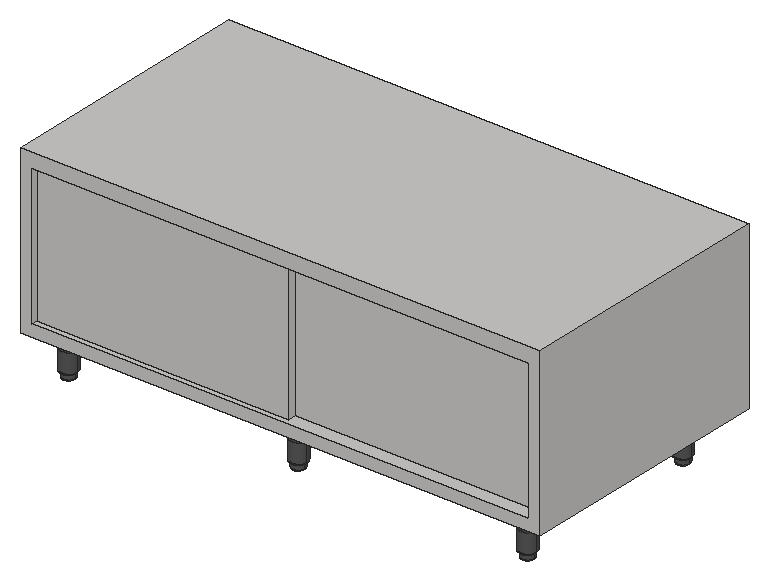
Revit family "QF_CAPIC_PF_W293039", category Equipement spécialisé, Revit 2018
Family settings
  Cote de connecteur circulaire = Utiliser le diamètre
  Type d'élément = Normal
  Numéro OmniClass = 23.40.40.14
  Titre OmniClass = Food Service Equipment
  Basée sur le plan de construction = Non
  Toujours verticalement = Oui
  Couper avec des vides une fois chargée = Non
  Partagée = Non
  Point de calcul de pièce = Non
Parameters (values of type "L=1600mm")
  URL catalogue = "http://www.capic-fr.com/fr/"
  Type de Raccord Plomberie [instance] = ""
  Type de Raccord Electrique [instance] = ""
  Type de Gaz = ""
  Type article [instance] = ""
  Tension = 0 V
  Spécification du Fabricant = ""
  Show Logo = yes
  Remarques evacuation [instance] = ""
  Remarques Plomberie [instance] = ""
  Remarques Electricité [instance] = ""
  Puissance électrique  = 0 W
  Puissance Gaz kW = 0
  Profondeur hors tout = 801 mm
  Pression Maximum Eau Adoucie = 0.0 Pa
  Poids net à vide = 140.00 kg
  Phase = 0
  Modèle = "W293039"
  Longueur porte = Longueur hors tout / 2 - 25 mm  # 775 mm
  Longueur hors tout = 1600 mm
  Intensité nominale = 0 A
  Hauteur hors tout = 630 mm
  Hauteur de Raccordement du Sol Finis = 0 mm
  Hauteur de Raccordement Gaz du Sol Finis = 0 mm
  Hauteur de Raccordement Evacuation Directe du Sol Finis = 0 mm
  Hauteur de Raccordement Eau Froide du Sol Finis = 0 mm
  Hauteur de Raccordement Eau Chaude du Sol Finis = 0 mm
  Hauteur de Raccordement Eau Adoucie du Sol Finis = 0 mm
  Fréquence = 0 Hz
  Fabricant = "CAPIC"
  Débit d'air d'extraction = 0.0 m³/h
  Débit Gaz = 0.0 L/s
  Débit Eau Froide = 0.0 L/s
  Débit Eau Chaude = 0.0 L/s
  Débit Eau Adoucie = 0.0 L/s
  Diamètre de Raccordement Gaz = 0 mm
  Diamètre de Raccordement Evacuation = 0 mm
  Diamètre de Raccordement Eau Froide = 0 mm
  Diamètre de Raccordement Eau Chaude = 0 mm
  Diamètre de Raccordement Eau Adoucie = 0 mm
  Description = "Placard fermé 2 portes coulissantes"
  Assembly Code = ""
  Classification  Omniclass nombre et titre = ""
Reference planes
  plane 1 "Centre (avant/arrière)": y = 0
  plane 2: z = 0
  plane 3 "Centre (gauche/droite)": x = 0
  plane 4 "Centre G/E": y = 0
  plane 5: y = -838
  plane 6: x = 1600
  plane 7: x = 1598
  plane 8: x = 2
  plane 9: x = 1565
  plane 10: y = -818
  plane 11: x = 1558
  plane 12: y = -223
  plane 13: y = -820
  plane 14: z = 141
  plane 15: x = 42
  plane 16: x = 35
  plane 17: y = -182
  plane 18: z = 621
  plane 19: z = 120
  plane 20: y = -37
  plane 21: x = 810
  plane 22: x = 790
Forms (mm)
  Extrusion 1, solid, material "QF_Stainless Steel-Brushed"
    sketch origin (1480, 0, 0) x (1, 0, 0) y (0, 0, 1)
      loop
        line (-1480, 630) -> (-1480, 120) -> (120, 120) -> (120, 630) -> (-1480, 630)
    from 838 to 37
  Extrusion 2, void
    sketch origin (1480, 0, 0) x (1, 0, 0) y (0, 0, 1)
      loop
        line (-1445, 155.456) -> (85, 155.456) -> (85, 585.456) -> (-1445, 585.456) -> (-1445, 155.456)
    from 838 to 182
  Extrusion 3, void
    sketch origin (1480, 0, 0) x (1, 0, 0) y (0, 1, 0)
      loop
        line (-1445, -182) -> (-1445, -820) -> (85, -820) -> (85, -182) -> (-1445, -182)
    from 120 to 141
  Extrusion 4, solid, material "QF_Stainless Steel-Brushed"
    sketch origin (0, 0, 0) x (1, 0, 0) y (0, 1, 0)
      loop
        line (35, -818) -> (810, -818) -> (810, -793) -> (35, -793) -> (35, -818)
    from 155.456 to 585.456
  Extrusion 5, solid, material "QF_Stainless Steel-Brushed"
    sketch origin (0, 0, 0) x (1, 0, 0) y (0, 1, 0)
      loop
        line (790, -793) -> (1565, -793) -> (1565, -768) -> (790, -768) -> (790, -793)
    from 155.456 to 585.456
Cuts and joins
  Extrusion 2, Extrusion 3 cuts Extrusion 1
Lines and regions (mm)
  model lines
    curve 1: line (1490, -793, 425.451) -> (1545, -793, 425.451)
    curve 2: line (1490, -793, 315.451) -> (1490, -793, 425.451)
    curve 3: line (1545, -793, 315.451) -> (1490, -793, 315.451)
    curve 4: line (1545, -793, 425.451) -> (1545, -793, 315.451)
    curve 5: line (1538, -793, 418.451) -> (1497, -793, 418.451)
    curve 6: line (1497, -793, 418.451) -> (1497, -793, 322.451)
    curve 7: line (1538, -793, 322.451) -> (1538, -793, 418.451)
    curve 8: line (1497, -793, 322.451) -> (1538, -793, 322.451)
    curve 17: line (55, -818, 425.451) -> (110, -818, 425.451)
    curve 18: line (55, -818, 315.451) -> (55, -818, 425.451)
    curve 19: line (110, -818, 315.451) -> (55, -818, 315.451)
    curve 20: line (110, -818, 425.451) -> (110, -818, 315.451)
    curve 21: line (103, -818, 418.451) -> (62, -818, 418.451)
    curve 22: line (62, -818, 418.451) -> (62, -818, 322.451)
    curve 23: line (103, -818, 322.451) -> (103, -818, 418.451)
    curve 24: line (62, -818, 322.451) -> (103, -818, 322.451)
  model lines, not visible
    curve 9: line (890, -793, 425.451) -> (945, -793, 425.451)
    curve 10: line (890, -793, 315.451) -> (890, -793, 425.451)
    curve 11: line (945, -793, 315.451) -> (890, -793, 315.451)
    curve 12: line (945, -793, 425.451) -> (945, -793, 315.451)
    curve 13: line (938, -793, 418.451) -> (897, -793, 418.451)
    curve 14: line (897, -793, 418.451) -> (897, -793, 322.451)
    curve 15: line (938, -793, 322.451) -> (938, -793, 418.451)
    curve 16: line (897, -793, 322.451) -> (938, -793, 322.451)
    curve 25: line (45, -818, 425.451) -> (100, -818, 425.451)
    curve 26: line (45, -818, 315.451) -> (45, -818, 425.451)
    curve 27: line (100, -818, 315.451) -> (45, -818, 315.451)
    curve 28: line (100, -818, 425.451) -> (100, -818, 315.451)
    curve 29: line (93, -818, 418.451) -> (52, -818, 418.451)
    curve 30: line (52, -818, 418.451) -> (52, -818, 322.451)
    curve 31: line (93, -818, 322.451) -> (93, -818, 418.451)
    curve 32: line (52, -818, 322.451) -> (93, -818, 322.451)
Dimensions and locks
  locked: plane 9 to plane 6 at 35
  locked: plane 10 to plane 5 at 20
  "Profondeur hors tout": plane 5 to plane 20
  locked: plane 12 to plane 13 at 597
  locked: plane 7 to plane 6 at 2
  locked: plane 3 "Centre (gauche/droite)" to plane 8 at 2
  "Longueur hors tout": plane 3 "Centre (gauche/droite)" to plane 6
  locked: plane 3 "Centre (gauche/droite)" to plane 16 at 35
  locked: plane 13 to plane 5 at 18
  locked: plane 3 "Centre (gauche/droite)" to plane 15 at 42
  locked: plane 11 to plane 6 at 42
  locked: plane 17 to plane 5 at 656
  plane 14 to plane 19 to plane 2 = 21 mm locked, 120 mm locked
  locked: plane 20 to plane 4 "Centre G/E" at 37
  "Longueur porte": plane 16 to plane 21
  locked: Extrusion 4 to plane 10 at 25
  "Longueur porte": plane 22 to plane 9
  locked: Extrusion 5 to Extrusion 5 at 25
  locked: plane 6 to curve 4 at 55
  locked: curve 3 to level at 315.451
  locked: curve 18 to plane 3 "Centre (gauche/droite)" at 55
  aligned and locked: level to plane 2
  aligned and locked: Extrusion 1 to Extrusion 2
  aligned and locked: cut or joined group of Extrusion 1, Extrusion 2, Extrusion 3 to plane 5
  aligned and locked: nested 1 to plane 14
  aligned and locked: nested 2 to plane 14
  aligned and locked: nested 2 to plane 13
  aligned and locked: nested 2 to plane 15
  aligned and locked: nested 1 to plane 15
  aligned and locked: nested 1 to plane 12
  aligned and locked: nested 3 to plane 11
  aligned and locked: nested 4 to plane 11
  aligned and locked: plane 13 to nested 4
  aligned and locked: Extrusion 3 to plane 13
  aligned and locked: plane 17 to cut or joined group of Extrusion 1, Extrusion 2, Extrusion 3
  aligned and locked: plane 12 to nested 3
  aligned and locked: cut or joined group of Extrusion 1, Extrusion 2, Extrusion 3 to plane 17
  aligned and locked: cut or joined group of Extrusion 1, Extrusion 2, Extrusion 3 to plane 20
  aligned and locked: Extrusion 4 to plane 16
  aligned and locked: Extrusion 4 to plane 10  (x2)
  aligned and locked: Extrusion 4 to plane 21
  aligned and locked: Extrusion 5 to plane 22
  aligned and locked: plane 9 to Extrusion 5
  aligned and locked: Extrusion 5 to Extrusion 4
  aligned and locked: cut or joined group of Extrusion 1, Extrusion 2, Extrusion 3 to Extrusion 4  (x2)
  aligned and locked: cut or joined group of Extrusion 1, Extrusion 2, Extrusion 3 to Extrusion 5
Automatic sketch dimensions
  Extrusion 1 sketch curve to plane 3 "Centre (gauche/droite)" = 0 mm
  Extrusion 1 sketch curve to plane 6 = 0 mm
  Extrusion 1 sketch curve to plane 19 = 0 mm
  plane 18 to Extrusion 1 sketch curve = 9 mm
  Extrusion 2 sketch curve to plane 16 = 0 mm
  Extrusion 2 sketch curve to plane 9 = 0 mm
  Extrusion 2 sketch curve to plane 14 = 14.456 mm
  Extrusion 2 sketch curve to plane 18 = 35.544 mm
  Extrusion 3 sketch curve to plane 13 = 0 mm
  Extrusion 3 sketch curve to plane 16 = 0 mm
  Extrusion 3 sketch curve to plane 9 = 0 mm
  Extrusion 3 sketch curve to plane 17 = 0 mm
  Extrusion 4 sketch curve to plane 16 = 0 mm
  Extrusion 4 sketch curve to plane 21 = 0 mm
  Extrusion 4 sketch curve to plane 10 = 0 mm
  Extrusion 4 sketch curve to Extrusion 4 sketch curve = 25 mm
  Extrusion 5 sketch curve to plane 22 = 0 mm
  Extrusion 5 sketch curve to plane 9 = 0 mm
  plane 10 to Extrusion 5 sketch curve = 25 mm
  Extrusion 5 sketch curve to Extrusion 5 sketch curve = 25 mm
Nested families
  nested 1: "QF_Details_Pied" at (93.5, -223, 0), type "QF_Details_Pied"
  nested 2: "QF_Details_Pied" at (93.5, -820, 0), type "QF_Details_Pied"
  nested 3: "QF_Details_Pied" at (1506.5, -223, 0), type "QF_Details_Pied"
  nested 4: "QF_Details_Pied" at (1506.5, -820, 0), type "QF_Details_Pied"
  nested 5: "QF_Details_Pied" at (800.5, -223, 0), type "QF_Details_Pied"
  nested 6: "QF_Details_Pied" at (800.5, -820, 0), type "QF_Details_Pied"
Definition of nested family "QF_Details_Pied"
  Reference planes
    plane 1 "Centre (avant/arrière)": y = 0
    plane 2: z = 0
    plane 3 "Centre (gauche/droite)": x = 0
  Forms (mm)
    Extrusion 1, solid
      sketch origin (-137.492, 51.5, -340.756) x (1, 0, 0) y (0, 0, 1)
        loop
          line (85.992, 481.756) -> (85.992, 472.756) -> (188.992, 472.756) -> (188.992, 481.756) -> (85.992, 481.756)
      from -51.5 to 51.5
    Revolve 2, solid
      sketch origin (0, 51.5, -9) x (1, 0, 0) y (0, 0, 1)
        loop
          line (0, 141) -> (0, 9) -> (19.21, 9) -> (19.21, 13) -> (20.21, 13) -> (20.21, 26) -> (21.71, 26) -> (26.66, 30.95) -> (26.66, 90.95) -> (31.468, 136.698) -> (36.246, 141) -> (0, 141)
        axis (0, 141) -> (0, 9)
      angle from 0 to 360
  Dimensions and locks
    aligned and locked: level to plane 2
    aligned and locked: Extrusion 1 to Revolve 2 sketch curve
